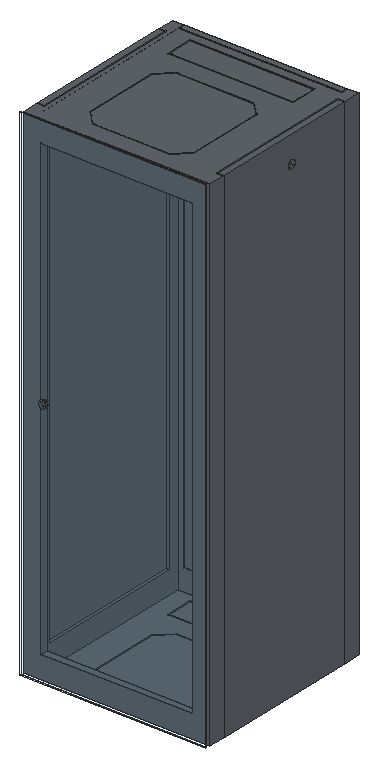
Revit family "Armario Linkeo con única puerta anchura 600", category Equipement spécialisé, Revit 2020
Family settings
  Cote de connecteur circulaire = Utiliser le diamètre
  Type d'élément = Normal
  Numéro OmniClass = 23.85.05.17.11.14
  Titre OmniClass = Multimedia Broadcasting Equipment
  Basée sur le plan de construction = Non
  Toujours verticalement = Oui
  Couper avec des vides une fois chargée = Non
  Partagée = Oui
  Point de calcul de pièce = Non
Parameters (values of type "Armario Linkeo2 33U 600x600")
  Ubicación del rack = 93.00 mm
  Tratamiento de superficie = "Recubrimiento con polvo"
  Tipo de ventilación = "Ninguna"
  Tipo de montaje = "Frontal"
  Temperatura operativa = "-25°C à 70°C"
  Temperatura de almacenamiento = "-25°C à 70°C"
  Tamaño modular = "19 pulgadas"
  Sistema de cierre de la puerta frontal = "Un punto"
  Profundidad del modelo (mm) = 600.00 mm
  Profundidad = 630.00 mm
  Número de puertas = "1"
  Número de pieza Legrand = "646755"
  Numero RAL = "7016"
  Módulos de altura = 33
  Máxima capacidad de carga = "400"
  Modelo de anchura = 600.00 mm
  Modelo = "Estructura fija"
  Material de la puerta frontal = vidrio
  Material = "Acero"
  Tipo de patas niveladoras = "Patas niveladoras  600X600"
  Tipo de perfiles verticales = "Perfiles verticales para armarios Linkeo  33U"
  Tipo de perfiles horizontales = "Perfiles horizontales para armarios Linkeo  33U profundidad 600"
  Simbolo de la puerta = "Simbolo de la puerta  Puerta 600mm"
  Función = "Armario Linkeo2"
  Formulación BIM = "Armario Linkeo2 33U 600x600"
  Fabricant = "Legrand"  # constant formula
  Elévation par défaut = 0.00 mm
  EAN = "3414971001527"
  E-catalogo enlace = "https://www.legrand.fr/reference/646755/pro"
  Distancia de la apertura 1 = 57.00 mm
  Con techo en chapa = yes
  Con puerta frontal = yes
  Con conexión a tierra = yes
  Color = gris
  Clase de protección IP = "IP20"
  Clase de protección IK = "IK08"
  Clase de aplicación = "EC002499"
  Anchura útil (mm) = 490.00 mm
  Anchura (mm) = 610.00 mm
  Altura útil (mm) = 1481.00 mm
  Altura = 1626.00 mm
  Acabado del carril de perfil = "Acodado"
Types (5, lengths in mm): name | Profundidad del modelo (mm) | Profundidad | Número de pieza Legrand | Módulos de altura | Tipo de patas niveladoras | Tipo de perfiles verticales | Tipo de perfiles horizontales | Formulación BIM | EAN | E-catalogo enlace | Distancia de la apertura 1 | Anchura útil (mm) | Altura útil (mm) | Altura
  Armario Linkeo2 24U 600x600 | 600.00 | 630.00 | "646750" | 24 | "Patas niveladoras  600X600" | "Perfiles verticales para armarios Linkeo  24U" | "Perfiles horizontales para armarios Linkeo  24U profundidad 600" | "Armario Linkeo2 24U 600x600" | "3414971001503" | "https://www.legrand.fr/reference/646750/pro" | 57.00 | 490.00 | 1081.00 | 1226.00
  Armario Linkeo2 42U 600x800 | 800.00 | 830.00 | "646761" | 42 | "Patas niveladoras  600X800" | "Perfiles verticales para armarios Linkeo  42U" | "Perfiles horizontales para armarios Linkeo  42U profundidad 800" | "Armario Linkeo2 42U 600x800" | "3414971001558" | "https://www.legrand.fr/reference/646761/pro" | 257.00 | 690.00 | 1881.00 | 2026.00
  Armario Linkeo2 33U 600x600 | 600.00 | 630.00 | "646755" | 33 | "Patas niveladoras  600X600" | "Perfiles verticales para armarios Linkeo  33U" | "Perfiles horizontales para armarios Linkeo  33U profundidad 600" | "Armario Linkeo2 33U 600x600" | "3414971001527" | "https://www.legrand.fr/reference/646755/pro" | 57.00 | 490.00 | 1481.00 | 1626.00
  Armario Linkeo2 42U 600x600 | 600.00 | 630.00 | "646760" | 42 | "Patas niveladoras  600X600" | "Perfiles verticales para armarios Linkeo  42U" | "Perfiles horizontales para armarios Linkeo  42U profundidad 600" | "Armario Linkeo2 42U 600x600" | "3414971001541" | "https://www.legrand.fr/reference/646760/pro" | 57.00 | 490.00 | 1881.00 | 2026.00
  Armario Linkeo2 42U 600x1000 | 1000.00 | 1030.00 | "646762" | 42 | "Patas niveladoras  600X1000" | "Perfiles verticales para armarios Linkeo  42U" | "Perfiles horizontales para armarios Linkeo  42U profundidad 1000" | "Armario Linkeo2 42U 600x1000" | "3414971001565" | "https://www.legrand.fr/reference/646762/pro" | 457.00 | 890.00 | 1881.00 | 2026.00
Reference planes
  plane 1 "Centre (avant/arrière)": y = 106
  plane 2: z = 0
  plane 3: x = 0
  plane 4: x = 600
  plane 5: z = 1626
  plane 6: y = -494
  plane 7: x = 55
  plane 8: x = 545
  plane 9: x = 300
  plane 10: z = 1553.5
  plane 11: z = 72.5
  plane 12: z = 813
  plane 13: y = -492
  plane 14: x = 300
  plane 15: y = -444.5
  plane 16: y = 455.094
  plane 17: x = 1428.928
  plane 18: z = -485.313
  plane 19: x = 2466.566
  plane 20: z = 813
  plane 21: x = 300
  plane 22: x = 500
  plane 23: x = 100
  plane 24: x = 300
  plane 25: y = -401
  plane 26: x = 525
  plane 27: y = -399.5
  plane 28: x = 556.5
  plane 29: x = 558
  plane 30: y = -360.5
  plane 31: y = -359
  plane 32: x = 534.5
  plane 33: x = 536
  plane 34: z = 80
  plane 35: z = 89.5
  plane 36: x = 528.5
  plane 37: x = 538
  plane 38: z = 111.75
  plane 39: z = 121.25
  plane 40: y = -742.5
  plane 41: y = -752
  plane 42: z = 105.38
  plane 43: z = 95.88
  plane 44: x = 77
  plane 45: x = 67.5
  plane 46: x = 66
  plane 47: z = 77.5
  plane 48: z = 1591
  plane 49: z = 813
  plane 50: y = -494
  plane 51: y = 66
  plane 52: z = 35
  plane 53: y = -601
  plane 54 "Panneaux gauche": y = -397.5
  plane 55 "Panneaux droit": y = 62.5
  plane 56 "Panneaux haut": z = 1589
  plane 57: z = 1541
  plane 58: z = 1541
  plane 59: y = -167.5
  plane 60: x = 175
  plane 61: x = 425
  plane 62: y = 54
  plane 63: y = -36
  plane 64: x = 98
  plane 65: x = 502
  plane 66: x = 131
  plane 67: y = -344.658
  plane 68: x = 469
  plane 69: y = -6.658
  plane 70: x = 133.5
  plane 71: y = -9.158
  plane 72: y = -342.158
  plane 73: x = 466.5
  plane 74: y = -50.658
  plane 75: y = -300.158
  plane 76: through (150.891, -321.084, 1200) normal (-0.7071, -0.7071, 0)
  plane 77: through (440.304, -329.89, 1200) normal (-0.7071, 0.7071, 0)
  plane 78: through (446.349, -26.971, 1200) normal (-0.7071, -0.7071, 0)
  plane 79: through (445.75, -29.908, 1200) normal (-0.7071, -0.7071, 0)
  plane 80: through (150.227, -316.885, 1200) normal (-0.7071, -0.7071, 0)
  plane 81: through (445.5, -321.158, 1200) normal (-0.7071, 0.7071, 0)
  plane 82: x = 100.5
  plane 83: y = 91.5
  plane 84: y = 7.5
  plane 85: x = 499.5
  plane 86: x = 131
  plane 87: y = -437
  plane 88: x = 469
  plane 89: y = -99
  plane 90: x = 133.5
  plane 91: y = -101.5
  plane 92: y = -434.5
  plane 93: x = 466.5
  plane 94: y = -143
  plane 95: y = -392.5
  plane 96: through (150.891, -413.426, 577) normal (-0.7071, -0.7071, 0)
  plane 97: through (440.304, -422.232, 577) normal (-0.7071, 0.7071, 0)
  plane 98: through (446.349, -119.313, 577) normal (-0.7071, -0.7071, 0)
  plane 99: through (445.75, -122.25, 577) normal (-0.7071, -0.7071, 0)
  plane 100: through (150.227, -409.227, 577) normal (-0.7071, -0.7071, 0)
  plane 101: through (445.5, -413.5, 577) normal (-0.7071, 0.7071, 0)
  plane 102: x = 51
  plane 103: x = 141
  plane 104: y = -92
  plane 105: y = -496
  plane 106: y = -94.5
  plane 107: x = 53.5
  plane 108: x = 459
  plane 109: x = 549
  plane 110: through (113.028, -163.472, 1200) normal (-0.7071, 0.7071, 0)
  plane 111: through (194.144, -78.82, 1200) normal (0.7071, -0.7071, 0)
  plane 112: through (113.028, -71.13, 1823) normal (-0.7071, 0.7071, 0)
  plane 113: through (194.144, 13.522, 1823) normal (0.7071, -0.7071, 0)
  plane 114: x = 175.5
  plane 115: through (175.5, -434.5, 1200) normal (-0.7071, -0.7071, 0)
  plane 116: x = 424.5
  plane 117: through (424.5, -434.5, 1200) normal (-0.7071, 0.7071, 0)
  plane 118: through (133.5, -143, 1200) normal (-0.7071, 0.7071, 0)
  plane 119: through (425, -101.5, 1200) normal (0.7071, 0.7071, 0)
  plane 120: x = 175.5
  plane 121: through (175.5, -342.158, 1823) normal (-0.7071, -0.7071, 0)
  plane 122: x = 424.5
  plane 123: through (424.5, -342.158, 1823) normal (-0.7071, 0.7071, 0)
  plane 124: through (133.5, -50.658, 1823) normal (-0.7071, 0.7071, 0)
  plane 125: through (425, -9.158, 1823) normal (0.7071, 0.7071, 0)
  plane 126: y = -401
  plane 127: z = 124.45
  plane 128: x = 42
  plane 129: y = -493.5
  plane 130: x = 100.5
  plane 131: x = 100.5
  plane 132: x = 100.5
  plane 133: x = 561.5
  plane 134: z = 1558
  plane 135: y = -194
  plane 136: y = 84.5
  plane 137: y = -472.5
  plane 138: x = 41
  plane 139: x = 559
  plane 140: x = 300
  plane 141: z = 5759
  plane 142: z = 1558
  plane 143: y = -694
  plane 144: z = 72
  plane 145: z = 1554
  plane 146: y = 82.5
  plane 147: y = -470.5
  plane 148: x = 138.5
  plane 149: x = 546.5
  plane 150: x = 578.5
  plane 151: x = 21.5
  plane 152: z = 1553.5
  plane 153: z = 72.5
  plane 154: z = 813
  plane 155: y = -194
  plane 156: y = 51
  plane 157: y = -439
  plane 158: x = 36.5
  plane 159: x = 563.5
  plane 160: y = 84.5
  plane 161: y = -294
  plane 162: y = -509
  plane 163: y = -504
  plane 164: y = -194
Forms (mm)
  Extrusion 1, solid, material "gris" <- "Color"
    sketch origin (0, 0, 0) x (0, 1, 0) y (0, 0, 1)
      loop
        line (-494, 0) -> (106, 0) -> (106, 1626) -> (-494, 1626) -> (-494, 0)
    from 0 to 600
  Extrusion 2, void
    sketch origin (-250, 82.5, 1200) x (1, 0, 0) y (0, 0, 1)
      loop
        line (285, 424) -> (285, -1198) -> (815, -1198) -> (815, 424) -> (285, 424)
    from 0 to 553
  Extrusion 3, void
    sketch origin (0, 106, 0) x (1, 0, 0) y (0, 0, 1)
      loop
        line (55, 1553.5) -> (55, 72.5) -> (545, 72.5) -> (545, 1553.5) -> (55, 1553.5)
    from 0 to 600
  Extrusion 4, solid, material "gris"
    sketch origin (-562.617, -509, 341.471) x (1, 0, 0) y (0, 0, 1)
      loop
        circle (638.746, 471.529) r 12
    from 0 to 5
  Extrusion 5, void
    sketch origin (-561.997, -514, 341.306) x (-1, 0, 0) y (0, 0, 1)
      loop
        line (-631.856, 476.03) -> (-633.789, 477.963) -> (-644.395, 467.357) -> (-642.463, 465.424) -> (-631.856, 476.03)
    from 0 to 2
  Extrusion 6, solid, material "gris", not visible
    sketch origin (50.552, -709, -159.029) x (1, 0, 0) y (0, 0, 1)
      loop
        circle (638.746, 471.529) r 12
    from 0 to 5
  Extrusion 7, void, not visible
    sketch origin (51.172, -714, -159.194) x (-1, 0, 0) y (0, 0, 1)
      loop
        line (-631.856, 476.03) -> (-633.789, 477.963) -> (-644.395, 467.357) -> (-642.463, 465.424) -> (-631.856, 476.03)
    from 0 to 2
  Extrusion 8, solid, material "gris" <- "Color", not visible
    sketch origin (-100, 47, -855.959) x (0, -1, 0) y (0, 0, 1)
      loop
        circle (154, 1149) r 12
    from 0 to 4
  Extrusion 9, void, not visible
    sketch origin (-104, 531.38, -177.686) x (0, 1, 0) y (0, 0, 1)
      loop
        line (-631.856, 476.03) -> (-633.789, 477.963) -> (-644.395, 467.357) -> (-642.463, 465.424) -> (-631.856, 476.03)
    from 0 to 2
  Extrusion 10, solid, material "gris" <- "Color"
    sketch origin (0, -13.5, 392) x (0, -1, 0) y (0, 0, 1)
      loop
        circle (154, 1149) r 12
    from 0 to 4
  Extrusion 11, void
    sketch origin (-4, 470.88, 1070.273) x (0, 1, 0) y (0, 0, 1)
      loop
        line (-631.856, 476.03) -> (-633.789, 477.963) -> (-644.395, 467.357) -> (-642.463, 465.424) -> (-631.856, 476.03)
    from 0 to 2
  Extrusion 12, solid, material "gris" <- "Color", not visible
    sketch origin (621, -865.746, -189.529) x (0, 1, 0) y (0, 0, 1)
      loop
        circle (638.746, 471.529) r 12
    from 0 to 4
  Extrusion 13, void, not visible
    sketch origin (625, -865.126, -189.694) x (0, -1, 0) y (0, 0, 1)
      loop
        line (-631.856, 476.03) -> (-633.789, 477.963) -> (-644.395, 467.357) -> (-642.463, 465.424) -> (-631.856, 476.03)
    from 0 to 2
  Extrusion 14, void
    sketch origin (0, -23, 0) x (1, 0, 0) y (0, 1, 0)
      loop
        line (131, -118.964) -> (131, -370.536) -> (174.464, -414) -> (425.536, -414) -> (469, -370.536) -> (469, -118.964) -> (426.036, -76) -> (173.964, -76) -> (131, -118.964)
    from 1626 to 0
  Extrusion 15, void
    sketch origin (0, -494, 0) x (0, -1, 0) y (1, 0, 0)
      loop
        line (-458, 98) -> (-458, 502) -> (-548, 502) -> (-548, 98) -> (-458, 98)
    from 0 to 1626
  Extrusion 16, solid, material "gris" <- "Color"
    sketch origin (698, 106, 1626) x (-1, 0, 0) y (0, -1, 0)
      loop
        line (597.5, 56) -> (597.5, 138.5) -> (198.5, 138.5) -> (198.5, 56) -> (597.5, 56)
    from 0 to -2
  Extrusion 17, solid, material "gris" <- "Color", not visible
    sketch origin (698, 146, 625) x (-1, 0, 0) y (0, -1, 0)
      loop
        line (597.5, 56) -> (597.5, 138.5) -> (198.5, 138.5) -> (198.5, 56) -> (597.5, 56)
    from 0 to -2
  Extrusion 18, solid, material "gris" <- "Color"
    sketch origin (698, 106, 2) x (-1, 0, 0) y (0, -1, 0)
      loop
        line (597.5, 56) -> (597.5, 138.5) -> (198.5, 138.5) -> (198.5, 56) -> (597.5, 56)
    from 0 to -2
  Extrusion 19, solid, material "gris" <- "Color"
    sketch origin (-100, -454, 0) x (1, 0, 0) y (0, -1, 0)
      loop
        line (233.5, -311) -> (275, -352.5) -> (525, -352.5) -> (566.5, -311) -> (566.5, -61.5) -> (524.5, -19.5) -> (275.5, -19.5) -> (233.5, -61.5) -> (233.5, -311)
    from 0 to -2
  Extrusion 20, solid, material "gris" <- "Color"
    sketch origin (0, 106, 1626) x (0, -1, 0) y (1, 0, 0)
      loop
        line (207.5, 175) -> (249, 133.5) -> (498.5, 133.5) -> (540.5, 175.5) -> (540.5, 424.5) -> (498.5, 466.5) -> (249, 466.5) -> (207.5, 425) -> (207.5, 175)
    from -2 to 0
  Extrusion 21, void
    sketch origin (0, 106, 0) x (1, 0, 0) y (0, 0, 1)
      loop
        line (549, 1554) -> (51, 1554) -> (51, 72) -> (549, 72) -> (549, 1554)
    from 2 to 0
  Extrusion 22, solid, material "gris" <- "Color"
    sketch origin (938.746, 106, 1067.471) x (-1, 0, 0) y (0, 0, 1)
      loop
        circle (638.746, 471.529) r 12
    from 0 to 4
  Extrusion 23, void
    sketch origin (938.126, 110, 1067.306) x (1, 0, 0) y (0, 0, 1)
      loop
        line (-631.856, 476.03) -> (-633.789, 477.963) -> (-644.395, 467.357) -> (-642.463, 465.424) -> (-631.856, 476.03)
    from 0 to 2
  Extrusion 24, solid, material "gris" <- "Color"
    sketch origin (600, -321.5, 392) x (0, 1, 0) y (0, 0, 1)
      loop
        circle (154, 1149) r 12
    from 0 to 4
  Extrusion 25, void
    sketch origin (604, -805.88, 1070.273) x (0, -1, 0) y (0, 0, 1)
      loop
        line (-631.856, 476.03) -> (-633.789, 477.963) -> (-644.395, 467.357) -> (-642.463, 465.424) -> (-631.856, 476.03)
    from 0 to 2
  Extrusion 26, void
    sketch origin (0, 0, 0) x (0, 1, 0) y (0, 0, 1)
      loop
        line (51, 1626) -> (-439, 1626) -> (-439, 0) -> (51, 0) -> (51, 1626)
    from 0 to 21.5
  Extrusion 27, solid, material "gris" <- "Color"
    sketch origin (0, 0, 0) x (0, 1, 0) y (0, 0, 1)
      loop
        line (51, 1626) -> (-439, 1626) -> (-439, 0) -> (51, 0) -> (51, 1626)
    from 0 to 21.5
  Extrusion 28, solid, material "gris" <- "Color"
    sketch origin (600, 0, 0) x (0, 1, 0) y (0, 0, 1)
      loop
        line (-439, 1626) -> (-439, 0) -> (51, 0) -> (51, 1626) -> (-439, 1626)
    from 0 to -21.5
  Extrusion 29, solid, material "gris" <- "Color"
    sketch origin (0, 106, 0) x (1, 0, 0) y (0, 0, 1)
      loop
        line (563.5, 1626) -> (36.5, 1626) -> (36.5, 0) -> (563.5, 0) -> (563.5, 1626)
    from 0 to 21.5
  Extrusion 30, void
    sketch origin (600, 0, 0) x (0, -1, 0) y (0, 0, 1)
      loop
        line (439, 1626) -> (-51, 1626) -> (-51, 0) -> (439, 0) -> (439, 1626)
    from 0 to 21.5
  Extrusion 31, void
    sketch origin (0, 0, 0) x (0, 1, 0) y (0, 0, 1)
      loop
        line (51, 1553.5) -> (-439, 1553.5) -> (-439, 72.5) -> (51, 72.5) -> (51, 1553.5)
    from 0 to 600
  Extrusion 32, void
    sketch origin (0, 106, 1626) x (1, 0, 0) y (0, -1, 0)
      loop
        line (36.5, 21.5) -> (36.5, 0) -> (563.5, 0) -> (563.5, 21.5) -> (36.5, 21.5)
    from 0 to 1626
  Extrusion 33, solid, material "vidrio" <- "Material de la puerta frontal"
    sketch origin (0, 106, 1626) x (0, -1, 0) y (1, 0, 0)
      loop
        line (615, 0) -> (615, 600) -> (610, 600) -> (610, 0) -> (615, 0)
    from -1626 to 4
  Extrusion 34, solid, material "gris" <- "Color", not visible
    sketch origin (600, -321.5, -8) x (0, 1, 0) y (0, 0, 1)
      loop
        circle (154, 1149) r 12
    from 0 to 4
  Extrusion 35, void, not visible
    sketch origin (604, -805.88, 670.273) x (0, -1, 0) y (0, 0, 1)
      loop
        line (-631.856, 476.03) -> (-633.789, 477.963) -> (-644.395, 467.357) -> (-642.463, 465.424) -> (-631.856, 476.03)
    from 0 to 2
Cuts and joins
  Extrusion 2, Extrusion 3, Extrusion 14, Extrusion 15, Extrusion 21, Extrusion 26, Extrusion 30, Extrusion 31, Extrusion 32 cuts Extrusion 1
  Extrusion 5 cuts Extrusion 4
  Extrusion 11, Extrusion 31 cuts Extrusion 10
  Extrusion 23 cuts Extrusion 22
  Extrusion 25, Extrusion 30 cuts Extrusion 24
Lines and regions (mm)
  model lines, not visible
    curve 1: line (488, 106, 813) -> (512, 106, 813)
    curve 2: line (-104, -119, 293.041) -> (-104, -107, 293.041)
    curve 3: line (-4, -179.5, 1541) -> (-4, -167.5, 1541)
    curve 4: line (661, -215, 282) -> (661, -227, 282)
    curve 5: line (-139, -227, 282) -> (-139, -227, 270)
    curve 6: line (0, -154, 1267) -> (0, -154, 1255)
    curve 7: line (-100, -93.5, 19.041) -> (-100, -93.5, 7.041)
    curve 8: line (288, 146, 1539) -> (300, 146, 1539)
    curve 9: line (300, -654, 1539) -> (300, -654, 1527)
    curve 10: line (604, -155.5, 1541) -> (604, -167.5, 1541)
    curve 11: line (700, -181, 1267) -> (700, -181, 1255)
    curve 12: line (600, -181, 1267) -> (600, -171, 1267)
    curve 13: line (0, -93.5, 19.041) -> (0, -103.5, 19.041)
    curve 14: line (100, -154, 1267) -> (100, -164, 1267)
    curve 15: line (600, -654, 1527) -> (600, -639, 1527)
    curve 16: line (-139, -527, 270) -> (-124, -527, 270)
    curve 17: line (700, -181, 867) -> (700, -181, 855)
    curve 18: line (600, -181, 867) -> (600, -171, 867)
Dimensions and locks
  "Modelo de anchura": plane 4 to plane 3
  "Altura": plane 5 to level
  "Profundidad del modelo (mm)": plane 6 to plane 1 "Centre (avant/arrière)"
  locked: plane 7 to plane 8 at 490
  equal spacing: plane 7, plane 9, plane 8
  equal spacing: plane 4, plane 9, plane 3
  equal spacing: plane 5, plane 12, level
  equal spacing: plane 10, plane 12, plane 11
  "Altura útil (mm)": plane 10 to plane 11
  Extrusion 2 sketch curve to plane 3 = 35.00 mm
  Extrusion 2 sketch curve to plane 4 = 35.00 mm
  locked: Extrusion 2 sketch curve to level at 2
  locked: plane 5 to Extrusion 2 sketch curve at 2
  locked: plane 6 to plane 13 at 2
  cut or joined group 1 (Extrusion 1, Extrusion 2, Extrusion 3, Extrusion 14, Extrusion 15, Extrusion 21, Extrusion 26, Extrusion 30, Extrusion 31, Extrusion 32) to plane 1 "Centre (avant/arrière)" = 23.50 mm
  equal spacing: plane 3, plane 14, plane 4
  equal spacing: plane 23, plane 24, plane 22
  "Ubicación del rack": plane 25 to plane 6
  locked: plane 27 to plane 25 at 1.5
  locked: plane 28 to plane 29 at 1.5
  locked: plane 30 to plane 31 at 1.5
  locked: plane 32 to plane 33 at 1.5
  plane 29 to cut or joined group 1 = 7.00 mm
  locked: plane 26 to plane 28 at 31.5
  locked: plane 31 to plane 25 at 42
  locked: plane 32 to plane 29 at 23.5
  locked: plane 34 to level at 80
  locked: plane 35 to plane 34 at 9.5
  locked: plane 36 to plane 37 at 9.5
  locked: plane 26 to plane 36 at 3.5
  locked: plane 39 to plane 38 at 9.5
  locked: plane 38 to plane 34 at 31.75
  plane 41 to plane 40 = 9.50 mm
  locked: plane 42 to plane 43 at 9.5
  plane 43 to plane 35 = 6.38 mm
  locked: plane 45 to plane 46 at 1.5
  locked: plane 47 to plane 11 at 5
  plane 5 to plane 48 to plane 10 = 35.00 mm, 37.50 mm
  locked: plane 51 to plane 1 "Centre (avant/arrière)" at 40
  locked: plane 52 to level at 35
  locked: plane 48 to plane 5 at 35
  locked: plane 25 to plane 54 "Panneaux gauche" at 3.5
  locked: plane 55 "Panneaux droit" to plane 51 at 3.5
  locked: plane 56 "Panneaux haut" to plane 48 at 2
  plane 57 to plane 5 = 85.00 mm
  locked: plane 5 to plane 58 at 85
  plane 54 "Panneaux gauche" to plane 55 "Panneaux droit" = 460.00 mm
  equal spacing: plane 54 "Panneaux gauche", plane 59, plane 55 "Panneaux droit"
  locked: plane 64 to plane 65 at 404
  locked: plane 104 to plane 105 at 404
  locked: plane 102 to plane 103 at 90
  locked: plane 104 to plane 106 at 2.5
  locked: plane 102 to plane 107 at 2.5
  locked: plane 3 to plane 102 at 51
  locked: plane 108 to plane 109 at 90
  plane 109 to plane 4 = 51.00 mm
  "Distancia de la apertura 1": plane 50 to plane 87
  locked: plane 127 to plane 34 at 44.45
  equal spacing: plane 128, plane 24, plane 29
  locked: plane 128 to plane 29 at 516
  plane 1 "Centre (avant/arrière)" to plane 62 = 52.00 mm
  cut or joined group 1 to plane 63 = 90.00 mm
  plane 129 to plane 105 = 2.50 mm
  plane 5 to plane 134 = 68.00 mm
  equal spacing: plane 136, plane 135, plane 137
  equal spacing: plane 1 "Centre (avant/arrière)", plane 135, plane 6
  equal spacing: plane 138, plane 140, plane 139, locked at 259 each
  plane 141 to plane 20 = 4946.00 mm
  equal spacing: Extrusion 26 sketch curve, plane 135, Extrusion 26 sketch curve
  "Anchura útil (mm)": Extrusion 26 sketch curve to Extrusion 26 sketch curve
  locked: plane 144 to level at 72
  plane 5 to plane 145 = 72.00 mm
  locked: plane 1 "Centre (avant/arrière)" to plane 146 at 23.5
  locked: plane 50 to plane 147 at 23.5
  locked: plane 148 to plane 103 at 2.5
  locked: plane 149 to plane 109 at 2.5
  locked: plane 150 to plane 4 at 21.5
  locked: plane 3 to plane 151 at 21.5
  equal spacing: plane 152, plane 154, plane 153
  "Altura útil (mm)": plane 152 to plane 153
  equal spacing: plane 156, plane 155, plane 157
  "Anchura útil (mm)": plane 156 to plane 157
  locked: plane 3 to plane 158 at 36.5
  locked: plane 159 to plane 4 at 36.5
  locked: plane 1 "Centre (avant/arrière)" to plane 160 at 21.5
  equal spacing: plane 1 "Centre (avant/arrière)", plane 161, plane 143
  locked: plane 163 to plane 162 at 5
  locked: plane 163 to plane 50 at 10
  cut or joined group of Extrusion 4, Extrusion 5 to Extrusion 33 = 5.00 mm
  equal spacing: plane 50, plane 164, plane 1 "Centre (avant/arrière)"
  locked: curve 11 to curve 6 at 27
  locked: curve 12 to curve 14
  locked: curve 15 to plane 5 at 99
  aligned and locked: level to plane 2
  aligned and locked: Extrusion 1 sketch curve to level
  aligned and locked: Extrusion 1 sketch curve to plane 6
  aligned and locked: plane 5 to Extrusion 1 sketch curve
  aligned and locked: Extrusion 1 sketch curve to plane 1 "Centre (avant/arrière)"
  aligned and locked: Extrusion 1 to plane 4
  aligned and locked: Extrusion 1 to plane 3
  aligned and locked: Extrusion 3 sketch curve to plane 10
  aligned and locked: Extrusion 3 sketch curve to plane 7
  aligned and locked: plane 11 to Extrusion 3 sketch curve
  aligned and locked: Extrusion 3 sketch curve to plane 8
  aligned and locked: Extrusion 1 to Extrusion 3  (x2)
  aligned and locked: plane 24 to plane 9
  aligned and locked: plane 20 to plane 12
  aligned and locked: plane 49 to Extrusion 4
  aligned and locked: plane 49 to plane 20
  aligned and locked: plane 6 to plane 50
  aligned and locked: plane 57 to curve 3
  aligned and locked: plane 59 to curve 3
  aligned and locked: Extrusion 15 sketch curve to plane 64
  aligned and locked: plane 65 to Extrusion 15 sketch curve
  aligned and locked: Extrusion 16 to cut or joined group 1
  aligned and locked: Extrusion 1 to Extrusion 15
  aligned and locked: Extrusion 14 sketch curve to plane 86
  aligned and locked: Extrusion 14 sketch curve to plane 111
  aligned and locked: Extrusion 14 sketch curve to plane 89
  aligned and locked: Extrusion 14 sketch curve to plane 98
  aligned and locked: Extrusion 14 sketch curve to plane 88
  aligned and locked: Extrusion 14 sketch curve to plane 97
  aligned and locked: Extrusion 14 sketch curve to plane 87
  aligned and locked: Extrusion 14 sketch curve to plane 96
  aligned and locked: Extrusion 19 sketch curve to plane 110
  aligned and locked: Extrusion 19 sketch curve to plane 91
  aligned and locked: Extrusion 19 sketch curve to plane 99
  aligned and locked: Extrusion 19 sketch curve to plane 93
  aligned and locked: Extrusion 19 sketch curve to plane 101
  aligned and locked: Extrusion 19 sketch curve to plane 92
  aligned and locked: Extrusion 19 sketch curve to plane 100
  aligned and locked: Extrusion 19 sketch curve to plane 90
  aligned and locked: Extrusion 20 sketch curve to Extrusion 19  (x8)
  aligned and locked: Extrusion 20 to cut or joined group 1
  aligned and locked: plane 5 to Extrusion 20
  aligned and locked: Extrusion 19 to level
  aligned and locked: plane 109 to Extrusion 21 sketch curve
  aligned and locked: plane 102 to Extrusion 21 sketch curve
  aligned and locked: Extrusion 21 to Extrusion 1
  aligned and locked: plane 126 to plane 25
  aligned and locked: Extrusion 15 sketch curve to plane 62
  aligned and locked: Extrusion 15 sketch curve to plane 63
  aligned and locked: Extrusion 16 to plane 130
  aligned and locked: Extrusion 17 to plane 131
  aligned and locked: Extrusion 18 to plane 132
  aligned and locked: Extrusion 1 to Extrusion 14
  aligned and locked: plane 140 to plane 14
  aligned and locked: plane 142 to plane 134
  aligned and locked: plane 145 to Extrusion 21 sketch curve
  aligned and locked: Extrusion 21 sketch curve to plane 144
  aligned and locked: cut or joined group 1 to Extrusion 27 sketch curve
  aligned and locked: Extrusion 27 sketch curve to cut or joined group 1
  aligned and locked: Extrusion 28 sketch curve to cut or joined group 1  (x4)
  aligned and locked: plane 146 to Extrusion 2
  aligned and locked: Extrusion 2 to plane 147
  aligned and locked: Extrusion 28 to plane 150
  aligned and locked: Extrusion 27 to plane 151
  aligned and locked: plane 5 to Extrusion 26 sketch curve
  aligned and locked: Extrusion 26 sketch curve to level
  aligned and locked: Extrusion 26 to Extrusion 27
  aligned and locked: Extrusion 30 sketch curve to Extrusion 28  (x2)
  aligned and locked: Extrusion 30 sketch curve to cut or joined group 1  (x2)
  aligned and locked: Extrusion 30 to Extrusion 28
  aligned and locked: plane 5 to Extrusion 27 sketch curve
  aligned and locked: Extrusion 27 sketch curve to level
  aligned and locked: plane 12 to plane 154
  aligned and locked: Extrusion 31 sketch curve to plane 11
  aligned and locked: Extrusion 31 sketch curve to plane 157
  aligned and locked: plane 156 to Extrusion 31 sketch curve
  aligned and locked: plane 10 to Extrusion 31 sketch curve
  aligned and locked: Extrusion 31 to plane 4
  aligned and locked: plane 160 to Extrusion 32 sketch curve
  aligned and locked: plane 158 to Extrusion 32 sketch curve
  aligned and locked: plane 1 "Centre (avant/arrière)" to Extrusion 32 sketch curve
  aligned and locked: Extrusion 32 sketch curve to plane 159
  aligned and locked: Extrusion 1 to Extrusion 32
  aligned and locked: plane 5 to Extrusion 29 sketch curve
  aligned and locked: Extrusion 29 sketch curve to level
  aligned and locked: Extrusion 29 sketch curve to cut or joined group 1  (x2)
  aligned and locked: Extrusion 29 to cut or joined group 1
  aligned and locked: plane 135 to plane 155
  aligned and locked: Extrusion 33 sketch curve to plane 162
  aligned and locked: Extrusion 33 sketch curve to plane 3
  aligned and locked: Extrusion 33 sketch curve to plane 163
  aligned and locked: Extrusion 33 sketch curve to plane 4
  aligned and locked: cut or joined group 1 to Extrusion 33
  aligned and locked: Extrusion 4 to Extrusion 33
  aligned and locked: curve 12 to curve 11
  aligned and locked: curve 13 to curve 7
  aligned and locked: curve 14 to curve 6
Automatic sketch dimensions
  Extrusion 5 sketch curve to Extrusion 5 sketch curve = 1.933 mm  (x2)
  Extrusion 5 sketch curve to Extrusion 5 sketch curve = 10.607 mm
  Extrusion 7 sketch curve to Extrusion 7 sketch curve = 1.933 mm  (x2)
  Extrusion 7 sketch curve to Extrusion 7 sketch curve = 10.607 mm
  Extrusion 9 sketch curve to Extrusion 9 sketch curve = 1.933 mm  (x2)
  Extrusion 9 sketch curve to Extrusion 9 sketch curve = 10.607 mm
  Extrusion 11 sketch curve to Extrusion 11 sketch curve = 1.933 mm  (x2)
  Extrusion 11 sketch curve to Extrusion 11 sketch curve = 10.607 mm
  Extrusion 13 sketch curve to Extrusion 13 sketch curve = 1.933 mm  (x2)
  Extrusion 13 sketch curve to Extrusion 13 sketch curve = 10.607 mm
  curve 5 to curve 5 = 12.00 mm
  curve 6 to curve 6 = 12.00 mm
  curve 7 to curve 7 = 12.00 mm
  Extrusion 23 sketch curve to Extrusion 23 sketch curve = 1.933 mm  (x2)
  Extrusion 23 sketch curve to Extrusion 23 sketch curve = 10.607 mm
  curve 9 to curve 9 = 12.00 mm
  curve 1 to plane 12 = 0.00 mm
  curve 1 to plane 85 = 11.50 mm
  plane 65 to curve 1 = 10.00 mm
  Extrusion 18 sketch curve to Extrusion 18 sketch curve = 399.00 mm
  Extrusion 18 sketch curve to Extrusion 18 sketch curve = 82.50 mm
  Extrusion 16 sketch curve to Extrusion 16 sketch curve = 399.00 mm
  Extrusion 16 sketch curve to Extrusion 16 sketch curve = 82.50 mm
  Extrusion 17 sketch curve to Extrusion 17 sketch curve = 399.00 mm
  Extrusion 17 sketch curve to Extrusion 17 sketch curve = 82.50 mm
  Extrusion 25 sketch curve to Extrusion 25 sketch curve = 1.933 mm  (x2)
  Extrusion 25 sketch curve to Extrusion 25 sketch curve = 10.607 mm
  curve 11 to curve 11 = 12.00 mm  (x2)
  curve 10 to curve 10 = 12.00 mm  (x2)
  curve 2 to curve 2 = 12.00 mm
  curve 3 to curve 3 = 12.00 mm
  curve 12 to curve 12 = 10.00 mm  (x2)
  curve 13 to curve 13 = 10.00 mm
  curve 14 to curve 14 = 10.00 mm
  curve 15 to curve 15 = 15.00 mm
  curve 16 to curve 16 = 15.00 mm
  Extrusion 35 sketch curve to Extrusion 35 sketch curve = 1.933 mm  (x2)
  Extrusion 35 sketch curve to Extrusion 35 sketch curve = 10.607 mm
  curve 18 to curve 18 = 10.00 mm
  curve 17 to curve 17 = 12.00 mm
  radius of Extrusion 4 sketch curve = 12.00 mm
  radius of Extrusion 6 sketch curve = 12.00 mm
  radius of Extrusion 12 sketch curve = 12.00 mm
  radius of Extrusion 10 sketch curve = 12.00 mm
  radius of Extrusion 8 sketch curve = 12.00 mm
  radius of Extrusion 22 sketch curve = 12.00 mm
  radius of Extrusion 24 sketch curve = 12.00 mm
  radius of Extrusion 34 sketch curve = 12.00 mm
